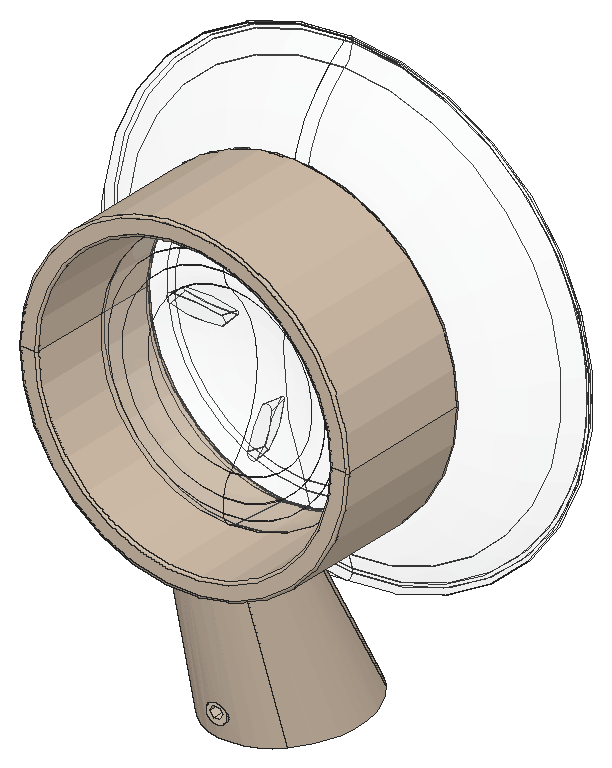
Revit family "A", category Specialty Equipment, host Face, Revit 2022
Family settings
  Host = Face
  Round Connector Dimension = Use Diameter
  Part Type = Normal
  OmniClass Number = 23.31.25.00
  Cut with Voids When Loaded = No
  Maintain Annotation Orientation = No
  Shared = No
  Room Calculation Point = No
Parameters (values of type "AF-Vibrant French Gold")
  Width = 4.20496"  # constant formula
  WaterSense Certified = 1 = 0  # no
  URL = "https://www.kohler.co.in/"
  Type = 5
  Product Page URL = ""
  Product Name = "Accent"  # constant formula
  Product Documentation Link = ""
  Model = if(Type = 1, "K-25429IN-BN", if(Type = 2, "K-25429IN-BL", if(Type = 3, "K-25429IN-RGD", if(Type = 4, "K-25429IN-BV", if(Type = 5, "K-25429IN-AF", if(Type = 6, "K-25429IN-BRD", "NA"))))))  # "K-25429IN-AF"
  Material = "Premium Metal Construction"  # constant formula
  Master Format 2014 Name = "Toilet, Bath, and Laundry Accessories"  # constant formula
  Master Format 2014 = "10 28 00"  # constant formula
  Manufacturer Address = "Ambience Office Tower NH-8 Gurgaon / Gurugram Haryana , 122001"  # constant formula
  Manufacturer = "Kohler Co."  # constant formula
  Length = 4.83319"  # constant formula
  Height = 1.82295"  # constant formula
  Finish = Kohler-Metal-AF-Vibrant_French_Gold
  Environmental Product Declaration = ""
  Description = "Soap Dish"  # constant formula
  Default Elevation = 42"
  Declare Label = ""
  Date Modified = "08/15/2024"  # constant formula
  Date Created = "03/23/2022"  # constant formula
  Copyright = "Copyright Kohler Co."  # constant formula
  Contact Us = "https://www.us.kohler.com/us/static/contact.jsp"
  Assembly Code = "C1030200"
  ADA Compliant = 1 = 0  # no
Types (7): name | Type | Model | Finish
  (no name) | 5 | "K-25429IN-AF" | Kohler-Metal-AF-Vibrant_French_Gold
  BN-Vibrant Brushed Nickel | 1 | "K-25429IN-BN" | Kohler-Metal-BN-Vibrant_Brushed_Nickel
  BL-Matte Black | 2 | "K-25429IN-BL" | Kohler-Metal-BL-Matte_Black
  RGD-Polished Rose Gold | 3 | "K-25429IN-RGD" | Kohler-Metal-RGD-Polished_Rose_Gold
  BV-Brushed Bronze | 4 | "K-25429IN-BV" | Kohler-Metal-BV-Brushed_Bronze
  AF-Vibrant French Gold | 5 | "K-25429IN-AF" | Kohler-Metal-AF-Vibrant_French_Gold
  BRD-Brushed Rose Gold | 6 | "K-25429IN-BRD" | KOHLER-Metal-BRD-Brushed_Rose_Gold
Reference planes (in)
  plane 1 "Center (Front/Back)": y = 0
  plane 2: z = 0
  plane 3 "Center (Left/Right)": x = 0
  plane 4: y = 0.7185
  plane 5: y = -1.13979
  plane 6: y = -0.7185
  plane 7: z = 2.7322
  plane 8: z = 4.83319
  plane 9: z = 0.63278
  plane 10: z = 4.14956
  plane 11: z = 1.31488
  plane 12: x = -2.10248
  plane 13: y = 0.68317
  plane 14: x = -1.41732
  plane 15: x = 1.41732
  plane 16: x = 2.10248
Dimensions and locks (in)
  plane 9 to plane 8 = 4.20041"
  plane 13 to plane 5 = 1.82295"
  plane 10 to plane 11 = 2.83468"
  "Length": plane 8 to level
  "Height": plane 5 to plane 13
  plane 14 to plane 15 = 2.83465"
  "Width": plane 12 to plane 16
  aligned and locked: plane 2 to host face
  aligned and locked: level to host face
Automatic sketch dimensions
  host sketch curve to host sketch curve = 96"  (x2)
Nested families (in)
  nested 1: "K-25429IN" at (0, 0, 0), type "K-25429IN"
Definition of nested family "K-25429IN"
  Parameters
    Material = none
    Default Elevation = 0"
  Reference planes (in)
    plane 1 "Center (Front/Back)": y = 0
    plane 2: z = 0
    plane 3 "Center (Left/Right)": x = 0
    plane 4: y = 0.7185
    plane 5: y = -0.7185
    plane 6: z = 4.83318
    plane 7: z = 0.63131
    plane 8: z = 2.7322
    plane 9: y = -1.13979
    plane 10: y = 0.68316
    plane 11: x = -1.41732
    plane 12: x = 1.41732
    plane 13: x = 2.10248
    plane 14: x = -2.10248
  Forms (in)
    Revolve 1, solid, material <- "Material", detail levels medium+fine
      sketch origin (18.86159, 0, 2.7322) x (1, 0, 0) y (0, 1, 0)
        loop
          arc (-20.27891, -1.11925) -> (-20.27289, -1.13377) -> (-20.25837, -1.13979) r 0.02054
          line (-20.25837, -1.13979) -> (-20.14186, -1.13979)
          arc (-20.14186, -1.13979) -> (-20.12759, -1.13392) -> (-20.12157, -1.11971) r 0.0203
          line (-20.12157, -1.11971) -> (-20.1089, 0.03547)
          arc (-20.1089, 0.03547) -> (-20.11496, 0.05046) -> (-20.12989, 0.05669) r 0.02099
          line (-20.12989, 0.05669) -> (-20.25922, 0.05669)
          arc (-20.25922, 0.05669) -> (-20.27314, 0.05092) -> (-20.27891, 0.037) r 0.01969
          line (-20.27891, 0.037) -> (-20.27891, -1.11925)
        axis (-18.86159, 0.05669) -> (-18.86159, -1.13979)
      angle from 0 to 360
    Revolve 2, solid, detail levels medium+fine
      sketch origin (0, 0, 0) x (0, 1, 0) y (0, 0, 1)
        loop
          line (-0.33941, 2.7322) -> (-0.05895, 2.7322)
          arc (-0.05895, 2.7322) -> (-0.00081, 3.30045) -> (0.1687, 3.84593) r 2.87035
          arc (0.1687, 3.84593) -> (0.18574, 3.89451) -> (0.19647, 3.94486) r 0.40476
          arc (0.19647, 3.94486) -> (0.33136, 4.31617) -> (0.60139, 4.60453) r 0.98425
          arc (0.60139, 4.60453) -> (0.66151, 4.67364) -> (0.68316, 4.76264) r 0.19374
          line (0.68316, 4.76264) -> (0.68316, 4.79449)
          arc (0.68316, 4.79449) -> (0.66419, 4.828) -> (0.6257, 4.82896) r 0.03907
          arc (0.6257, 4.82896) -> (0.22965, 4.48322) -> (0.02566, 3.99868) r 1.16637
          arc (0.02566, 3.99868) -> (-0.0082, 3.93658) -> (-0.07292, 3.90804) r 0.10974
          line (-0.07292, 3.90804) -> (-0.5789, 3.86378)
          arc (-0.5789, 3.86378) -> (-0.66517, 3.82123) -> (-0.70004, 3.73158) r 0.1327
          line (-0.70004, 3.73158) -> (-0.70004, 3.60655)
          arc (-0.70004, 3.60655) -> (-0.68201, 3.51614) -> (-0.63068, 3.43955) r 0.23574
          arc (-0.63068, 3.43955) -> (-0.41397, 3.11514) -> (-0.33941, 2.7322) r 0.99004
        axis (0.68316, 2.7322) -> (-0.70004, 2.7322)
      angle from 0 to 360
    Blend 3, solid, material <- "Material", detail levels medium+fine
      base sketch origin (0.01678, 0.00604, -0.0011) x (0, 1, 0) y (-1, 0, 0)
        loop
          arc (-0.52615, 0.40385) -> (-0.71861, 0.00445) -> (-0.5329, -0.39814) r 0.51975
          arc (-0.5329, -0.39814) -> (0.01344, -0.58933) -> (0.54967, -0.37137) r 0.81863
          arc (0.54967, -0.37137) -> (0.71241, 0.00909) -> (0.53834, 0.3845) r 0.50834
          arc (0.53834, 0.3845) -> (0.00962, 0.58824) -> (-0.52615, 0.40385) r 0.82702
      top sketch origin (0.01678, 0.00604, -0.0011) x (0, 1, 0) y (-1, 0, 0)
        loop
          spline (-1.28144, 0.24132) -> (-1.31483, 0.20471) -> (-1.34244, 0.1641) -> (-1.36373, 0.12029) -> (-1.37828, 0.07413) -> (-1.38582, 0.02652) -> (-1.38619, -0.0216) -> (-1.37938, -0.06931) -> (-1.36554, -0.11566) -> (-1.34492, -0.15975) -> (-1.31793, -0.20073) -> (-1.2851, -0.23778) -> (-1.24707, -0.27019)
          arc (-1.24707, -0.27019) -> (-1.03211, -0.34519) -> (-0.81248, -0.28522) r 0.3838
          arc (-0.81248, -0.28522) -> (-0.65604, -0.00701) -> (-0.80044, 0.27763) r 0.33855
          arc (-0.80044, 0.27763) -> (-1.04742, 0.34534) -> (-1.28144, 0.24132) r 0.38082
      from 0.0011 to 2.52382
    Extrusion 4, solid, detail levels medium+fine
      sketch origin (0, 0.00005, -0.00037) x (1, 0, 0) y (0, 0, 1)
        loop
          circle (-0.00039, 0.23221) r 0.08952
        loop
          line (0.02858, 0.28543) -> (-0.02825, 0.28543) -> (-0.05666, 0.23622) -> (-0.02825, 0.18701) -> (0.02858, 0.18701) -> (0.05699, 0.23622) -> (0.02858, 0.28543)
      from 0.61492 to 0.77875
    Blend 5, solid, detail levels medium+fine
      base sketch origin (0, 0, 0) x (1, 0, 0) y (0, 0, 1)
        loop
          arc (-0.2526, 3.69757) -> (-0.30809, 3.7178) -> (-0.33772, 3.6667) r 0.04598
          arc (-0.33772, 3.6667) -> (-0.28644, 3.45783) -> (-0.20702, 3.25796) r 1.56645
          arc (-0.20702, 3.25796) -> (-0.15789, 3.23516) -> (-0.12615, 3.27905) r 0.04257
          arc (-0.12615, 3.27905) -> (-0.16518, 3.49562) -> (-0.2526, 3.69757) r 0.95813
      top sketch origin (0, 0, 0) x (1, 0, 0) y (0, 0, 1)
        loop
          arc (-0.28123, 3.69769) -> (-0.30023, 3.70557) -> (-0.31142, 3.68831) r 0.01608
          arc (-0.31142, 3.68831) -> (-0.26284, 3.46686) -> (-0.17247, 3.25894) r 1.17004
          arc (-0.17247, 3.25894) -> (-0.1575, 3.25302) -> (-0.14876, 3.26653) r 0.01269
          arc (-0.14876, 3.26653) -> (-0.19496, 3.48827) -> (-0.28123, 3.69769) r 1.22362
      from -0.02888 to -0.14157
    Blend 6, solid, detail levels medium+fine
      base sketch origin (2.65104, 0, 3.35627) x (0.241922, 0, -0.970296) y (0.970296, 0, 0.241922)
        loop
          arc (-0.2526, -3.69757) -> (-0.16518, -3.49562) -> (-0.12615, -3.27905) r 0.95813
          arc (-0.12615, -3.27905) -> (-0.15789, -3.23516) -> (-0.20702, -3.25796) r 0.04257
          arc (-0.20702, -3.25796) -> (-0.28644, -3.45783) -> (-0.33772, -3.6667) r 1.56645
          arc (-0.33772, -3.6667) -> (-0.30809, -3.7178) -> (-0.2526, -3.69757) r 0.04598
      top sketch origin (2.65104, 0, 3.35627) x (0.241922, 0, -0.970296) y (0.970296, 0, 0.241922)
        loop
          arc (-0.28123, -3.69769) -> (-0.19496, -3.48827) -> (-0.14876, -3.26653) r 1.22362
          arc (-0.14876, -3.26653) -> (-0.1575, -3.25302) -> (-0.17247, -3.25894) r 0.01269
          arc (-0.17247, -3.25894) -> (-0.26284, -3.46686) -> (-0.31142, -3.68831) r 1.17004
          arc (-0.31142, -3.68831) -> (-0.30023, -3.70557) -> (-0.28123, -3.69769) r 0.01608
      from 0.02651 to -0.14157
    Blend 7, solid, detail levels medium+fine
      base sketch origin (0, 0, 5.4644) x (1, 0, 0) y (0, 0, 1)
        loop
          arc (-0.2526, -3.69757) -> (-0.16518, -3.49562) -> (-0.12615, -3.27905) r 0.95813
          arc (-0.12615, -3.27905) -> (-0.15789, -3.23516) -> (-0.20702, -3.25796) r 0.04257
          arc (-0.20702, -3.25796) -> (-0.28644, -3.45783) -> (-0.33772, -3.6667) r 1.56645
          arc (-0.33772, -3.6667) -> (-0.30809, -3.7178) -> (-0.2526, -3.69757) r 0.04598
      top sketch origin (0, 0, 5.4644) x (1, 0, 0) y (0, 0, 1)
        loop
          arc (-0.28123, -3.69769) -> (-0.19496, -3.48827) -> (-0.14876, -3.26653) r 1.22362
          arc (-0.14876, -3.26653) -> (-0.1575, -3.25302) -> (-0.17247, -3.25894) r 0.01269
          arc (-0.17247, -3.25894) -> (-0.26284, -3.46686) -> (-0.31142, -3.68831) r 1.17004
          arc (-0.31142, -3.68831) -> (-0.30023, -3.70557) -> (-0.28123, -3.69769) r 0.01608
      from 0.02651 to -0.14157
    Blend 8, solid, detail levels medium+fine
      base sketch origin (-2.67565, 0, 2.12043) x (0.241922, 0, -0.970296) y (0.970296, 0, 0.241922)
        loop
          arc (-0.2526, 3.69757) -> (-0.30809, 3.7178) -> (-0.33772, 3.6667) r 0.04598
          arc (-0.33772, 3.6667) -> (-0.28644, 3.45783) -> (-0.20702, 3.25796) r 1.56645
          arc (-0.20702, 3.25796) -> (-0.15789, 3.23516) -> (-0.12615, 3.27905) r 0.04257
          arc (-0.12615, 3.27905) -> (-0.16518, 3.49562) -> (-0.2526, 3.69757) r 0.95813
      top sketch origin (-2.67565, 0, 2.12043) x (0.241922, 0, -0.970296) y (0.970296, 0, 0.241922)
        loop
          arc (-0.28123, 3.69769) -> (-0.30023, 3.70557) -> (-0.31142, 3.68831) r 0.01608
          arc (-0.31142, 3.68831) -> (-0.26284, 3.46686) -> (-0.17247, 3.25894) r 1.17004
          arc (-0.17247, 3.25894) -> (-0.1575, 3.25302) -> (-0.14876, 3.26653) r 0.01269
          arc (-0.14876, 3.26653) -> (-0.19496, 3.48827) -> (-0.28123, 3.69769) r 1.22362
      from 0.06994 to -0.14157
    Blend 9, solid, detail levels medium+fine
      base sketch origin (-1.53778, 0, 4.95624) x (-0.814012, 0, -0.580848) y (0.580848, 0, -0.814012)
        loop
          arc (-0.2526, 3.69757) -> (-0.30809, 3.7178) -> (-0.33772, 3.6667) r 0.04598
          arc (-0.33772, 3.6667) -> (-0.28644, 3.45783) -> (-0.20702, 3.25796) r 1.56645
          arc (-0.20702, 3.25796) -> (-0.15789, 3.23516) -> (-0.12615, 3.27905) r 0.04257
          arc (-0.12615, 3.27905) -> (-0.16518, 3.49562) -> (-0.2526, 3.69757) r 0.95813
      top sketch origin (-1.53778, 0, 4.95624) x (-0.814012, 0, -0.580848) y (0.580848, 0, -0.814012)
        loop
          arc (-0.28123, 3.69769) -> (-0.30023, 3.70557) -> (-0.31142, 3.68831) r 0.01608
          arc (-0.31142, 3.68831) -> (-0.26284, 3.46686) -> (-0.17247, 3.25894) r 1.17004
          arc (-0.17247, 3.25894) -> (-0.1575, 3.25302) -> (-0.14876, 3.26653) r 0.01269
          arc (-0.14876, 3.26653) -> (-0.19496, 3.48827) -> (-0.28123, 3.69769) r 1.22362
      from 0.02651 to -0.14157
    Revolve 10, void
      sketch origin (0, 0, 0) x (0, 1, 0) y (0, 0, 1)
        loop
          line (0.03252, 4.07579) -> (-1.59548, 4.07579) -> (-1.59548, 2.73229) -> (0.03252, 2.73229) -> (0.03252, 4.07579)
        axis (0.03252, 2.73229) -> (-1.59548, 2.73229)
      angle from 0 to 360
    Blend 11, solid, material <- "Material", detail levels coarse
      base sketch origin (0.01678, 0.00604, -0.0011) x (0, 1, 0) y (-1, 0, 0)
        loop
          arc (-0.52615, 0.40385) -> (-0.71861, 0.00445) -> (-0.5329, -0.39814) r 0.51975
          arc (-0.5329, -0.39814) -> (0.01344, -0.58933) -> (0.54967, -0.37137) r 0.81863
          arc (0.54967, -0.37137) -> (0.71241, 0.00909) -> (0.53834, 0.3845) r 0.50834
          arc (0.53834, 0.3845) -> (0.00962, 0.58824) -> (-0.52615, 0.40385) r 0.82702
      top sketch origin (0.01678, 0.00604, -0.0011) x (0, 1, 0) y (-1, 0, 0)
        loop
          spline (-1.28144, 0.24132) -> (-1.31483, 0.20471) -> (-1.34244, 0.1641) -> (-1.36373, 0.12029) -> (-1.37828, 0.07413) -> (-1.38582, 0.02652) -> (-1.38619, -0.0216) -> (-1.37938, -0.06931) -> (-1.36554, -0.11566) -> (-1.34492, -0.15975) -> (-1.31793, -0.20073) -> (-1.2851, -0.23778) -> (-1.24707, -0.27019)
          arc (-1.24707, -0.27019) -> (-1.03211, -0.34519) -> (-0.81248, -0.28522) r 0.3838
          arc (-0.81248, -0.28522) -> (-0.65604, -0.00701) -> (-0.80044, 0.27763) r 0.33855
          arc (-0.80044, 0.27763) -> (-1.04742, 0.34534) -> (-1.28144, 0.24132) r 0.38082
      from 0.0011 to 2.52382
    Revolve 12, solid, material <- "Material", detail levels coarse
      sketch origin (18.86159, 0, 2.7322) x (1, 0, 0) y (0, 1, 0)
        loop
          line (-20.27891, -1.13979) -> (-20.09718, -1.13979) -> (-20.08406, 0.05669) -> (-20.27891, 0.05669) -> (-20.27891, -1.13979)
        axis (-18.86159, 0.05669) -> (-18.86159, -1.13979)
      angle from 0 to 360
    Revolve 13, solid, detail levels coarse
      sketch origin (0, 0, 0) x (0, 1, 0) y (0, 0, 1)
        loop
          line (-0.33941, 2.7322) -> (-0.05895, 2.7322)
          arc (-0.05895, 2.7322) -> (-0.00081, 3.30045) -> (0.1687, 3.84593) r 2.87035
          arc (0.1687, 3.84593) -> (0.18253, 3.88369) -> (0.19256, 3.92263) r 0.40476
          arc (0.19256, 3.92263) -> (0.19946, 3.94555) -> (0.21036, 3.96686) r 0.13281
          line (0.21036, 3.96686) -> (0.68316, 4.71569) -> (0.68316, 4.85763)
          arc (0.68316, 4.85763) -> (0.24882, 4.50898) -> (0.02566, 3.99868) r 1.16637
          arc (0.02566, 3.99868) -> (-0.0082, 3.93658) -> (-0.07292, 3.90804) r 0.10974
          line (-0.07292, 3.90804) -> (-0.5789, 3.86378)
          arc (-0.5789, 3.86378) -> (-0.66517, 3.82123) -> (-0.70004, 3.73158) r 0.1327
          line (-0.70004, 3.73158) -> (-0.70004, 3.60655)
          arc (-0.70004, 3.60655) -> (-0.68201, 3.51614) -> (-0.63068, 3.43955) r 0.23574
          arc (-0.63068, 3.43955) -> (-0.41397, 3.11514) -> (-0.33941, 2.7322) r 0.99004
        axis (0.68316, 2.7322) -> (-0.70004, 2.7322)
      angle from 0 to 360
    Revolve 14, void
      sketch origin (0, 0, 0) x (0, 1, 0) y (0, 0, 1)
        loop
          line (0.03252, 4.07579) -> (-1.59548, 4.07579) -> (-1.59548, 2.73229) -> (0.03252, 2.73229) -> (0.03252, 4.07579)
        axis (0.03252, 2.73229) -> (-1.59548, 2.73229)
      angle from 0 to 360
    Extrusion 15, void
      sketch origin (0, 0, 0) x (1, 0, 0) y (0, 0, 1)
        loop
          circle (-0.00039, 0.23184) r 0.08952
      from 0.58665 to 0.87244
  Cuts and joins
    Revolve 10, Extrusion 15 cuts Blend 3
    joined: Revolve 1, Blend 3
    Revolve 14 cuts Blend 11
    joined: Blend 11, Revolve 12
  Lines and regions (in)
    Masking region 1
      outline origin (0, 0, 0) x (0, 1, 0) y (0, 0, 1)
        loop
          arc (0.68316, 4.7935) -> (0.66406, 4.82743) -> (0.62515, 4.8287) r 0.03969
          arc (0.62515, 4.8287) -> (0.26848, 4.53773) -> (0.05668, 4.12906) r 1.1351
          arc (0.05668, 4.12906) -> (0.0505, 4.14357) -> (0.03591, 4.14955) r 0.02077
          line (0.03591, 4.14955) -> (-1.11863, 4.14955)
          arc (-1.11863, 4.14955) -> (-1.13359, 4.14336) -> (-1.13979, 4.1284) r 0.02115
          line (-1.13979, 4.1284) -> (-1.13979, 1.33499)
          arc (-1.13979, 1.33499) -> (-1.13389, 1.32076) -> (-1.11966, 1.31487) r 0.02013
          line (-1.11966, 1.31487) -> (-1.06062, 1.31487) -> (-0.79875, 0.32136) -> (-0.79875, 0.14232) -> (-0.75136, 0.14232) -> (-0.7185, 0) -> (0.7185, 0) -> (0.00519, 1.31488) -> (0.03604, 1.31488)
          arc (0.03604, 1.31488) -> (0.05145, 1.3219) -> (0.05626, 1.33814) r 0.02042
          arc (0.05626, 1.33814) -> (0.26849, 0.92889) -> (0.62443, 0.63593) r 1.14957
          arc (0.62443, 0.63593) -> (0.66379, 0.63701) -> (0.68316, 0.67129) r 0.04002
          line (0.68316, 0.67129) -> (0.68316, 4.7935)
    Masking region 2
      outline origin (0, 0, 0) x (1, 0, 0) y (0, 1, 0)
        loop
          line (2.06279, 0.68316) -> (0.20153, 0.68316)
          arc (0.20153, 0.68316) -> (0.10262, 0.71138) -> (0, 0.7185) r 0.49429
          arc (0, 0.7185) -> (-0.08696, 0.70807) -> (-0.17092, 0.68316) r 0.51886
          line (-0.17092, 0.68316) -> (-2.06279, 0.68316)
          arc (-2.06279, 0.68316) -> (-2.09672, 0.66406) -> (-2.09799, 0.62515) r 0.03969
          arc (-2.09799, 0.62515) -> (-1.80709, 0.26853) -> (-1.39852, 0.05672) r 1.1351
          arc (-1.39852, 0.05672) -> (-1.4121, 0.04738) -> (-1.41732, 0.03174) r 0.026
          line (-1.41732, 0.03174) -> (-1.41732, -1.11863)
          arc (-1.41732, -1.11863) -> (-1.41113, -1.13359) -> (-1.39617, -1.13979) r 0.02115
          line (-1.39617, -1.13979) -> (1.39617, -1.13979)
          arc (1.39617, -1.13979) -> (1.41113, -1.13359) -> (1.41732, -1.11863) r 0.02115
          line (1.41732, -1.11863) -> (1.41732, 0.03174)
          arc (1.41732, 0.03174) -> (1.4121, 0.04738) -> (1.39852, 0.05672) r 0.026
          arc (1.39852, 0.05672) -> (1.80709, 0.26853) -> (2.09799, 0.62515) r 1.1351
          arc (2.09799, 0.62515) -> (2.09672, 0.66406) -> (2.06279, 0.68316) r 0.03969
    Masking region 3
      outline origin (0, 0, 0) x (1, 0, 0) y (0, 0, 1)
        loop
          arc (0.53818, 0.70077) -> (1.67434, 1.44388) -> (2.10248, 2.7322) r 2.06247
          arc (2.10248, 2.7322) -> (1.47767, 4.20943) -> (0, 4.83318) r 2.13217
          arc (0, 4.83318) -> (-1.47767, 4.20943) -> (-2.10248, 2.7322) r 2.13217
          arc (-2.10248, 2.7322) -> (-1.66378, 1.43027) -> (-0.50468, 0.69273) r 2.06247
          line (-0.50468, 0.69273) -> (-0.5716, 0) -> (0.60636, 0) -> (0.53818, 0.70077)
    symbolic lines, detail levels medium+fine
      curve 1: line (0, 0.05668, 4.12878) -> (0, 0.05626, 1.33814)
      curve 2: line (0, -0.79875, 0.32136) -> (0, -0.75136, 0.14232)
      curve 3: spline (0, -0.92459, 1.34735) -> (0, -0.87055, 1.3564) -> (0, -0.81206, 1.36401) -> (0, -0.74991, 1.37007) -> (0, -0.68496, 1.37451) -> (0, -0.61809, 1.37725) -> (0, -0.55021, 1.37826) -> (0, -0.48225, 1.37754) -> (0, -0.41515, 1.37508) -> (0, -0.34981, 1.37092) -> (0, -0.28712, 1.36513) -> (0, -0.22795, 1.35777) -> (0, -0.1731, 1.34895)
      curve 4: arc (0, 0.00519, 1.31488) -> (0, -0.08336, 1.33503) -> (0, -0.1731, 1.34895) r 1.29904
      curve 5: arc (0, -0.92459, 1.34735) -> (0, -0.99359, 1.33524) -> (0, -1.06062, 1.31487) r 0.57849
      curve 6: line (0, 0.62515, 4.8287) -> (0, 0.62515, 0.63555)
      curve 7: line (0, 0.03591, 4.14955) -> (0, 0.03591, 1.31488)
      curve 8: line (0, -1.11966, 1.31487) -> (0, -1.11863, 4.14955)
      curve 9: line (0, 0, 0) -> (0, -0.54443, 1.37827)
      curve 10: line (-0.17092, 0.68316, 0) -> (0.20153, 0.68316, 0)
      curve 11: line (-1.39852, 0.05672, 0) -> (1.39852, 0.05672, 0)
      curve 12: line (-2.09799, 0.62515, 0) -> (2.09799, 0.62515, 0)
      curve 13: line (-1.41732, -1.11863, 0) -> (1.41732, -1.11863, 0)
      curve 14: line (1.41732, 0.03174, 0) -> (-1.41732, 0.03174, 0)
      curve 15: arc (-0.12615, 0, 3.27905) -> (-0.16663, 0, 3.50035) -> (-0.25759, 0, 3.70611) r 0.95813
      curve 16: arc (-0.33936, 0, 3.67627) -> (-0.28791, 0, 3.46246) -> (-0.20702, 0, 3.25796) r 1.56645
      curve 17: arc (-0.17247, 0, 3.25894) -> (-0.26284, 0, 3.46686) -> (-0.31142, 0, 3.68831) r 1.17004
      curve 18: arc (-0.28123, 0, 3.69769) -> (-0.19496, 0, 3.48827) -> (-0.14876, 0, 3.26653) r 1.22362
      curve 19: arc (-0.31142, 0, 3.68831) -> (-0.30023, 0, 3.70557) -> (-0.28123, 0, 3.69769) r 0.01608
      curve 20: arc (-0.14876, 0, 3.26653) -> (-0.1575, 0, 3.25302) -> (-0.17247, 0, 3.25894) r 0.01269
      curve 21: arc (-0.20702, 0, 3.25796) -> (-0.15789, 0, 3.23516) -> (-0.12615, 0, 3.27905) r 0.04257
      curve 22: arc (-0.25759, 0, 3.70611) -> (-0.31087, 0, 3.72517) -> (-0.33936, 0, 3.67627) r 0.04427
      curve 23: arc (0.84417, 0, 3.28786) -> (0.66184, 0, 3.15349) -> (0.45787, 0, 3.05502) r 1.22362
      curve 24: arc (0.44476, 0, 3.07619) -> (0.62465, 0, 3.21418) -> (0.82777, 0, 3.31489) r 1.17004
      curve 25: arc (0.45787, 0, 3.05502) -> (0.44264, 0, 3.06023) -> (0.44476, 0, 3.07619) r 0.01269
      curve 26: arc (0.82777, 0, 3.31489) -> (0.84722, 0, 3.30821) -> (0.84417, 0, 3.28786) r 0.01608
      curve 27: arc (0.43794, 0, 3.09708) -> (0.62016, 0, 3.22478) -> (0.81836, 0, 3.32591) r 1.59634
      curve 28: arc (0.4695, 0, 3.04341) -> (0.66935, 0, 3.14336) -> (0.85026, 0, 3.27451) r 1.36831
      curve 29: arc (0.81836, 0, 3.32591) -> (0.85634, 0, 3.31389) -> (0.85026, 0, 3.27451) r 0.03061
      curve 30: arc (0.43794, 0, 3.09708) -> (0.43062, 0, 3.05667) -> (0.4695, 0, 3.04341) r 0.03148
      curve 31: arc (-0.12615, 0, 2.18535) -> (-0.16663, 0, 1.96405) -> (-0.25759, 0, 1.75829) r 0.95813
      curve 32: arc (-0.33936, 0, 1.78813) -> (-0.28791, 0, 2.00194) -> (-0.20702, 0, 2.20644) r 1.56645
      curve 33: arc (-0.17247, 0, 2.20546) -> (-0.26284, 0, 1.99754) -> (-0.31142, 0, 1.77609) r 1.17004
      curve 34: arc (-0.28123, 0, 1.76671) -> (-0.19496, 0, 1.97613) -> (-0.14876, 0, 2.19787) r 1.22362
      curve 35: arc (-0.31142, 0, 1.77609) -> (-0.30023, 0, 1.75883) -> (-0.28123, 0, 1.76671) r 0.01608
      curve 36: arc (-0.14876, 0, 2.19787) -> (-0.1575, 0, 2.21138) -> (-0.17247, 0, 2.20546) r 0.01269
      curve 37: arc (-0.20702, 0, 2.20644) -> (-0.15789, 0, 2.22924) -> (-0.12615, 0, 2.18535) r 0.04257
      curve 38: arc (-0.25759, 0, 1.75829) -> (-0.31087, 0, 1.73923) -> (-0.33936, 0, 1.78813) r 0.04427
      curve 39: arc (0.84417, 0, 2.17654) -> (0.66184, 0, 2.31091) -> (0.45787, 0, 2.40938) r 1.22362
      curve 40: arc (0.44476, 0, 2.38821) -> (0.62465, 0, 2.25022) -> (0.82777, 0, 2.14951) r 1.17004
      curve 41: arc (0.45787, 0, 2.40938) -> (0.44264, 0, 2.40417) -> (0.44476, 0, 2.38821) r 0.01269
      curve 42: arc (0.82777, 0, 2.14951) -> (0.84722, 0, 2.15619) -> (0.84417, 0, 2.17654) r 0.01608
      curve 43: arc (0.43794, 0, 2.36732) -> (0.62016, 0, 2.23962) -> (0.81836, 0, 2.13849) r 1.59634
      curve 44: arc (0.4695, 0, 2.42099) -> (0.66935, 0, 2.32104) -> (0.85026, 0, 2.18989) r 1.36831
      curve 45: arc (0.81836, 0, 2.13849) -> (0.85634, 0, 2.15051) -> (0.85026, 0, 2.18989) r 0.03061
      curve 46: arc (0.43794, 0, 2.36732) -> (0.43062, 0, 2.40773) -> (0.4695, 0, 2.42099) r 0.03148
      curve 47: arc (-1.00305, 0, 2.76616) -> (-0.77643, 0, 2.7726) -> (-0.55282, 0, 2.73521) r 1.17004
      curve 48: arc (-0.55445, 0, 2.71037) -> (-0.78078, 0, 2.70155) -> (-1.00485, 0, 2.73459) r 1.22362
      curve 49: arc (-0.55282, 0, 2.73521) -> (-0.54345, 0, 2.72212) -> (-0.55445, 0, 2.71037) r 0.01269
      curve 50: arc (-1.00485, 0, 2.73459) -> (-1.01709, 0, 2.75112) -> (-1.00305, 0, 2.76616) r 0.01608
      curve 51: arc (-0.55706, 0, 2.76316) -> (-0.78409, 0, 2.78415) -> (-1.01184, 0, 2.77371) r 1.6538
      curve 52: arc (-0.55809, 0, 2.69107) -> (-0.78873, 0, 2.68427) -> (-1.01588, 0, 2.72481) r 1.12148
      curve 53: arc (-0.55809, 0, 2.69107) -> (-0.52646, 0, 2.72667) -> (-0.55706, 0, 2.76316) r 0.03644
      curve 54: arc (-1.01184, 0, 2.77371) -> (-1.03391, 0, 2.75092) -> (-1.01588, 0, 2.72481) r 0.02502
      curve 55: circle (0, 0, 2.7322) r 1.13254 normal (0, -1, 0)
      curve 56: circle (0, 0, 2.7322) r 1.1811 normal (0, -1, 0)
      curve 57: circle (0, 0, 2.7322) r 1.85479 normal (0, -1, 0)
      curve 58: circle (0, 0, 2.7322) r 2.02435 normal (0, -1, 0)
      curve 59: arc (0.53813, 0, 0.7013) -> (0.01726, 0, 0.63138) -> (-0.50468, 0, 0.69273) r 2.10393
  Dimensions and locks (in)
    plane 6 to level = 4.83318"
    plane 7 to plane 6 = 4.20187"
    plane 10 to plane 9 = 1.82295"
    plane 11 to plane 12 = 2.83465"
    plane 14 to plane 13 = 4.20496"  (x2)
    aligned and locked: plane 2 to level
